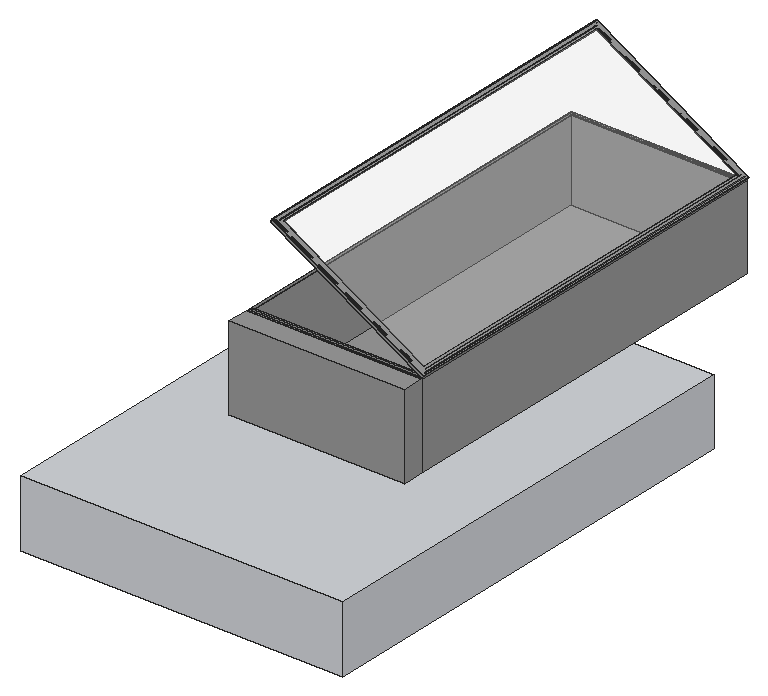
Revit family "Hager-Univers-IP55-D400-H1950-Cl.I-Steel_encl-PL-pl", category Equipement électrique, Revit 2020
Family settings
  Hôte = Face
  Configuration du panneau = Deux colonnes, circuits au sein
  Cote de connecteur circulaire = Utiliser le diamètre
  Type d'élément = Tableau de raccordement
  Couper avec des vides une fois chargée = Non
  Partagée = Non
  Point de calcul de pièce = Non
Parameters (values of type "Montaż podłogowy IP55 S800 W1950 G400  - FR23V1")
  Width Control [instance] = if([EF000008 - Szerokość] > Min Width, [EF000008 - Szerokość], Min Width)  # 800 mm
  Commentaires du type = [HG000003 - Zakres]  # "Univers"
  Thickness Door [instance] = if([EF009171 - Drzwi/pokrywa z materiału o wysokiej wytrzymałości mechanicznej] > 3 mm, 3 mm, [EF009171 - Drzwi/pokrywa z materiału o wysokiej wytrzymałości mechanicznej])  # 1.5 mm
  Seal Frame Offset [instance] = 17 mm  # constant formula
  Plinth Visibility [instance] = [HG000027 - Wysokość cokołu] > 0 mm  # yes
  Model = ""
  Min Width [instance] = 100 mm  # constant formula
  Min Height [instance] = 100 mm  # constant formula
  Min Depth [instance] = (2 * [EF009170 - Obudowa z materiału o wysokiej wytrzymałości mechanicznej]) + 1 mm  # 4 mm
  Internal Frame Depth [instance] = (Door System Depth * 0.5)  # 9 mm
  Height Control [instance] = if([EF000040 - Wysokość] > Min Height, [EF000040 - Wysokość], Min Height)  # 1950 mm
  HG000027 - Wysokość cokołu = 100 mm
  HG000026 - Stojąca = yes
  HG000024 - Wysokość części dolnej = 800 mm
  HG000023 - Obudowa dwusekcyjna = no
  HG000016 - Widoczność drzwi w widoku 3D [instance] = yes
  HG000015 - Przestrzeń robocza - otwarcie drzwi [instance] = no
  HG000014 - Drzwi prawe [instance] = yes
  HG000013 - Drzwi lewe [instance] = not([HG000014 - Drzwi prawe])  # no
  HG000012 - Kąt otwarcia drzwi [instance] = 30.00°
  HG000010 - Drzwi asymetryczne = no
  HG000009 - Drzwi dwuskrzydłowe = no
  HG000006 - Montaż podtynkowy = no
  HG000004 - Referencja producenta = "FR23V1"
  HG000003 - Zakres = "Univers"
  HG000002 - Z drzwiami lub pokrywą = yes
  Frame Offset Bottom [instance] = 10 mm  # constant formula
  Frame Offset [instance] = 15 mm  # constant formula
  EF015940 - Pokrywa z wyzwalaczem nadciśnieniowym = no
  EF011959 - Stopień ochrony (NEMA) = ""
  EF009554 - Liczba otworów pod flansze = 6
  Fabricant = "Hager"  # constant formula
  EF009212 - Wykonanie pokrywy = "EV000116 - Zamknięty"
  EF009171 - Drzwi/pokrywa z materiału o wysokiej wytrzymałości mechanicznej = 1.5 mm
  EF009170 - Obudowa z materiału o wysokiej wytrzymałości mechanicznej = 1.5 mm
  EF008873 - Prąd znamionowy (In) = 800 A
  EF007800 - Do ochrony odgromowej = no
  EF006306 - Z zamkiem = no
  EF006244 - Transparentna pokrywa/drzwi = yes
  EF005474 - Stopień ochrony (IP) = "EV006420 - IP55"
  EF004464 - Rodzaj drzwi = "EV002646 - Pojedynczy"
  EF004427 - Liczba modułów = 432
  EF004293 - Odporność udarowa = "EV008784 - IK10"
  EF003532 - Do zastosowań zewnętrznych = no
  EF002950 - Szerokość wyrażona liczbą modułów = 24
  EF001613 - Podtrzymanie funkcji = "EV000494 - Brak"
  EF001596 - Materiał obudowy = "EV000179 - Stal"
  EF001131 - Głębokość wewnętrzna = 400 mm
  EF001088 - Możliwość rozbudowy = yes
  EF000437 - Liczba wejść kablowych = 6
  EF000339 - Rodzaj pokrywy = "EV004216 - Drzwi"
  EF000266 - Liczba rzędów = 12
  EF000218 - Głębokość wbudowania = 0 mm
  EF000118 - Z płytą montażową = no
  EF000116 - Numer RAL = "7035"
  EF000049 - Głębokość = 400 mm
  EF000040 - Wysokość = 1950 mm
  EF000008 - Szerokość = 800 mm
  EF000007 - Kolor = "EV000270 - Szary"
  EF000003 - Sposób montażu = "EV012274 - Montaż podłogowy"
  Door System Leaf Tolerance [instance] = 1.5 mm  # constant formula
  Door System Depth [instance] = 18 mm  # constant formula
  Door Height [instance] = Height Control - [HG000027 - Wysokość cokołu]  # 1850 mm
  Depth Control [instance] = if([EF000049 - Głębokość] > Min Depth, [EF000049 - Głębokość], Min Depth)  # 400 mm
  Default Elevation = 0 mm
  Connector Offset [instance] = Height Control / 2  # 975 mm
  Bottom Top Plate Trim [instance] = 1.5 mm  # constant formula
  Plinth height Ctrl [instance] = if([HG000027 - Wysokość cokołu] > 0 mm, [HG000027 - Wysokość cokołu], 12 mm)  # 100 mm
Types (11, lengths in mm): name | Width Control | HG000010 - Drzwi asymetryczne | HG000009 - Drzwi dwuskrzydłowe | HG000004 - Referencja producenta | EF009554 - Liczba otworów pod flansze | EF006244 - Transparentna pokrywa/drzwi | EF004464 - Rodzaj drzwi | EF004427 - Liczba modułów | EF000437 - Liczba wejść kablowych | EF000008 - Szerokość
  Montaż podłogowy IP55 S1050 W1950 G400  - FR24G1 | 1050 | yes | yes | "FR24G1" | 8 | no | "EV003602 - Podwójny" | 576 | 8 | 1050
  Montaż podłogowy IP55 S1050 W1950 G400  - FR24V1 | 1050 | yes | yes | "FR24V1" | 8 | yes | "EV003602 - Podwójny" | 576 | 8 | 1050
  Montaż podłogowy IP55 S1300 W1950 G400  - FR25G1 | 1300 | yes | yes | "FR25G1" | 10 | no | "EV003602 - Podwójny" | 720 | 10 | 1300
  Montaż podłogowy IP55 S1300 W1950 G400  - FR25V1 | 1300 | yes | yes | "FR25V1" | 10 | yes | "EV003602 - Podwójny" | 720 | 10 | 1300
  Montaż podłogowy IP55 S1550 W1950 G400  - FR26G1 | 1550 | yes | yes | "FR26G1" | 12 | no | "EV003602 - Podwójny" | 864 | 12 | 1550
  Montaż podłogowy IP55 S1550 W1950 G400  - FR26V1 | 1550 | yes | yes | "FR26V1" | 12 | yes | "EV003602 - Podwójny" | 864 | 12 | 1550
  Montaż podłogowy IP55 S300 W1950 G400  - FR21G1 | 300 | no | no | "FR21G1" | 2 | no | "EV002646 - Pojedynczy" | 144 | 2 | 300
  Montaż podłogowy IP55 S550 W1950 G400  - FR22G1 | 550 | no | no | "FR22G1" | 4 | no | "EV002646 - Pojedynczy" | 288 | 4 | 550
  Montaż podłogowy IP55 S550 W1950 G400  - FR22V1 | 550 | no | no | "FR22V1" | 4 | yes | "EV002646 - Pojedynczy" | 288 | 4 | 550
  Montaż podłogowy IP55 S800 W1950 G400  - FR23G1 | 800 | no | no | "FR23G1" | 6 | no | "EV002646 - Pojedynczy" | 432 | 6 | 800
  Montaż podłogowy IP55 S800 W1950 G400  - FR23V1 | 800 | no | no | "FR23V1" | 6 | yes | "EV002646 - Pojedynczy" | 432 | 6 | 800
Reference planes
  plane 1 "Center (Front/Back)": y = 0
  plane 2: z = 0
  plane 3 "Center (Left/Right)": x = 0
  plane 4: z = 400
  plane 5: y = 101.5
  plane 6: y = 1025
  plane 7: y = 100
  plane 8: y = 1950
  plane 9: z = 0
  plane 10: x = -385
  plane 11: x = 385
  plane 12: x = 383.5
  plane 13: x = -383.5
  plane 14: y = 1948.5
  plane 15: x = -383
  plane 16: x = -400
  plane 17: x = 383
  plane 18: x = 400
  plane 19: x = 398.5
  plane 20: x = -398.5
  plane 21: y = 111.5
  plane 22: y = 1950
  plane 23: y = 1933.5
  plane 24: z = 382
  plane 25: z = 1.5
  plane 26: z = 380.5
  plane 27: z = 398.5
Forms (mm)
  Extrusion 1, solid
    sketch origin (0, 0, 0) x (1, 0, 0) y (0, 1, 0)
      loop
        line (-702.964, 1305) -> (-702.964, -811.445) -> (766.763, -811.445) -> (766.763, 1305) -> (-702.964, 1305)
    from 0 to -304.8
  Extrusion 2, solid, material "Hager_Steel_RAL7035_Light_Grey", visible <- "Plinth Visibility", detail levels medium+fine
    sketch origin (0, 0, 0) x (1, 0, 0) y (0, 1, 0)
      loop
        line (-400, 0) -> (400, 0) -> (400, 100) -> (-400, 100) -> (-400, 0)
    from 0 to 382
  Extrusion 3, solid, material "Hager_Steel_RAL7035_Light_Grey", detail levels medium+fine
    sketch origin (0, 0, 0) x (1, 0, 0) y (0, 1, 0)
      loop
        line (-400, 100) -> (400, 100) -> (400, 1950) -> (-400, 1950) -> (-400, 100)
    from 0 to 382
  Extrusion 4, void
    sketch origin (0, 0, 0) x (1, 0, 0) y (0, 1, 0)
      loop
        line (-398.5, 101.5) -> (398.5, 101.5) -> (398.5, 1948.5) -> (-398.5, 1948.5) -> (-398.5, 101.5)
    from 1.5 to 380.5
  Extrusion 5, void
    sketch origin (-381.607, -4572, 382) x (0, -1, 0) y (-1, 0, 0)
      loop
        line (-4683.5, 1.893) -> (-6505.5, 1.893) -> (-6505.5, -765.107) -> (-4683.5, -765.107) -> (-4683.5, 1.893)
    from 0 to 1.5 <- "EF009170 - Obudowa z materiału o wysokiej wytrzymałości mechanicznej"
  Extrusion 6, solid, material "Hager_Steel_RAL7035_Light_Grey", detail levels fine
    sketch origin (0, 0, 382) x (1, 0, 0) y (0, 1, 0)
      loop
        line (-383.5, 1933.5) -> (-383.5, 111.5) -> (383.5, 111.5) -> (383.5, 1933.5) -> (-383.5, 1933.5)
      loop
        line (-385, 110) -> (385, 110) -> (385, 1935) -> (-385, 1935) -> (-385, 110)
    from 0 to 9 <- "Internal Frame Depth"
  Extrusion 7, solid, material "Hager_Steel_RAL7035_Light_Grey", detail levels coarse
    sketch origin (0, 0, 0) x (1, 0, 0) y (0, 1, 0)
      loop
        line (-400, 0) -> (400, 0) -> (400, 1950) -> (-400, 1950) -> (-400, 0)
    from 0 to 400
  Sweep 8, void
    path in 3D
      loop
        line (-400, 100, 0) -> (400, 100, 0) -> (400, 100, 382) -> (-400, 100, 382) -> (-400, 100, 0)
    profile origin (-400, 100, 191) x (-1, 0, 0) y (0, -1, 0)
      loop
        line (0, 0) -> (0, 1.5) -> (-1.5, 1.5)
        arc (-1.5, 1.5) -> (-1.061, 0.439) -> (0, 0) r 1.5
Cuts and joins
  Extrusion 4, Extrusion 5 cuts Extrusion 3
  Sweep 8 cuts Extrusion 2
Lines and regions (mm)
  Masking region 1
    outline origin (0, 0, 0) x (1, 0, 0) y (0, 0, 1)
      loop
        line (-400, 400) -> (-400, 0) -> (400, 0) -> (400, 400) -> (-400, 400)
  Masking region 2, detail levels medium+fine
    outline origin (0, 140, 0) x (0, 1, 0) y (0, 0, 1)
      loop
        line (-40, 0) -> (1810, 0) -> (1810, 382) -> (-40, 382) -> (-40, 0)
  Masking region 3, not visible, detail levels medium+fine
    outline origin (0, 297.922, 0) x (0, 1, 0) y (0, 0, 1)
      loop
        line (738.578, 0) -> (778.578, 0) -> (778.578, 388.5)
        arc (778.578, 388.5) -> (775.649, 395.571) -> (768.578, 398.5) r 10
        line (768.578, 398.5) -> (738.578, 398.5) -> (738.578, 0)
  Masking region 4, detail levels coarse
    outline origin (0, 0, 180) x (0, 1, 0) y (0, 0, 1)
      loop
        line (0, -180) -> (1950, -180) -> (1950, 220) -> (0, 220) -> (0, -180)
  Masking region 5, visible <- "Plinth Visibility", detail levels medium+fine
    outline origin (0, 52.24, 12.345) x (0, 0, -1) y (0, 1, 0)
      loop
        line (10.845, 47.76) -> (-368.155, 47.76)
        arc (-368.155, 47.76) -> (-368.594, 46.699) -> (-369.655, 46.26) r 1.5
        line (-369.655, 46.26) -> (-369.655, -52.24) -> (12.345, -52.24) -> (12.345, 46.26)
        arc (12.345, 46.26) -> (11.285, 46.699) -> (10.845, 47.76) r 1.5
  Masking region 6, detail levels medium+fine
    outline origin (-381.607, -4572, 382) x (-1, 0, 0) y (0, -1, 0)
      loop
        line (18.393, -6522) -> (18.393, -4672) -> (-781.607, -4672) -> (-781.607, -6522) -> (18.393, -6522)
  Masking region 7, visible <- "Plinth Visibility", detail levels medium+fine
    outline origin (-381.607, -4727, 382) x (-1, 0, 0) y (0, -1, 0)
      loop
        arc (16.893, -4827) -> (17.332, -4825.939) -> (18.393, -4825.5) r 1.5
        line (18.393, -4825.5) -> (18.393, -4727) -> (-781.607, -4727) -> (-781.607, -4825.5)
        arc (-781.607, -4825.5) -> (-780.546, -4825.939) -> (-780.107, -4827) r 1.5
        line (-780.107, -4827) -> (16.893, -4827)
  Masking region 8, detail levels coarse
    outline origin (-442.548, -4669.526, 382) x (-1, 0, 0) y (0, -1, 0)
      loop
        line (-42.548, -6619.526) -> (-42.548, -4669.526) -> (-842.548, -4669.526) -> (-842.548, -6619.526) -> (-42.548, -6619.526)
  sketch lines
    curve 1: line (-400, 100, 382) -> (-400, 100, 0)
    curve 2: line (400, 100, 382) -> (-400, 100, 382)
    curve 3: line (400, 100, 382) -> (400, 100, 0)
    curve 4: line (-400, 100, 0) -> (400, 100, 0)
Dimensions and locks
  "Depth Control": plane 4 to Extrusion 1
  "HG000027 - Wysokość cokołu": plane 1 "Center (Front/Back)" to plane 7
  "EF009170 - Obudowa z materiału o wysokiej wytrzymałości mechanicznej": plane 5 to plane 7
  locked: connector elem to plane 3 "Center (Left/Right)"
  equal spacing: plane 8, plane 6, plane 7
  locked: connector elem to plane 6
  "EF009170 - Obudowa z materiału o wysokiej wytrzymałości mechanicznej": plane 8 to plane 14
  "EF009170 - Obudowa z materiału o wysokiej wytrzymałości mechanicznej": plane 10 to plane 13
  "EF009170 - Obudowa z materiału o wysokiej wytrzymałości mechanicznej": plane 12 to plane 11
  "Frame Offset": plane 20 to plane 13
  "Frame Offset": plane 12 to plane 19
  "EF009170 - Obudowa z materiału o wysokiej wytrzymałości mechanicznej": plane 16 to plane 20
  "EF009170 - Obudowa z materiału o wysokiej wytrzymałości mechanicznej": plane 19 to plane 18
  "Seal Frame Offset": plane 16 to plane 15
  "Seal Frame Offset": plane 17 to plane 18
  "Frame Offset Bottom": plane 21 to plane 5
  "Frame Offset": plane 14 to plane 23
  equal spacing: plane 16, plane 3 "Center (Left/Right)", plane 18
  "Width Control": plane 16 to plane 18
  "EF009170 - Obudowa z materiału o wysokiej wytrzymałości mechanicznej": plane 4 to plane 27
  "EF009170 - Obudowa z materiału o wysokiej wytrzymałości mechanicznej": plane 24 to plane 26
  "EF009170 - Obudowa z materiału o wysokiej wytrzymałości mechanicznej": plane 25 to level
  "Door System Depth": plane 4 to plane 24
  "Height Control": plane 1 "Center (Front/Back)" to Extrusion 7 sketch curve
  "Height Control": Masking region 4 sketch curve to plane 1 "Center (Front/Back)"
  "Height Control": plane 1 "Center (Front/Back)" to plane 22
  "Bottom Top Plate Trim": profile plane to Sweep 8 sketch curve
  "Bottom Top Plate Trim": Sweep 8 sketch curve to profile plane
  "Plinth height Ctrl": plane 1 "Center (Front/Back)" to Extrusion 2 sketch curve
  "Plinth height Ctrl": Masking region 5 sketch curve to plane 1 "Center (Front/Back)"
  "Plinth height Ctrl": plane 1 "Center (Front/Back)" to Masking region 7 sketch curve
  "Thickness Door": Extrusion 6 sketch curve to Extrusion 6 sketch curve  (x3)
  "Thickness Door": cut or joined group of Extrusion 3, Extrusion 4, Extrusion 5 to Extrusion 6 sketch curve
  radius of Masking region 3 sketch curve = 10 mm
  "Bottom Top Plate Trim": radius of Masking region 5 sketch curve  (x2)
  "Bottom Top Plate Trim": radius of Sweep 8 sketch curve
  "Bottom Top Plate Trim": radius of Masking region 7 sketch curve  (x2)
  aligned and locked: plane 2 to Extrusion 1
  aligned and locked: level to Extrusion 1
  aligned and locked: level to Masking region 1 sketch curve
  aligned and locked: Masking region 1 sketch curve to plane 18
  aligned and locked: Masking region 1 sketch curve to plane 16
  aligned and locked: plane 7 to Masking region 2 sketch curve
  aligned and locked: level to Masking region 3 sketch curve
  aligned and locked: Masking region 3 sketch curve to plane 27
  aligned and locked: level to Masking region 2 sketch curve
  aligned and locked: plane 1 "Center (Front/Back)" to Extrusion 2 sketch curve
  aligned and locked: Extrusion 3 sketch curve to plane 7
  aligned and locked: plane 16 to Extrusion 3 sketch curve
  aligned and locked: plane 18 to Extrusion 3 sketch curve
  aligned and locked: plane 20 to Extrusion 4 sketch curve
  aligned and locked: plane 19 to Extrusion 4 sketch curve
  aligned and locked: Extrusion 4 sketch curve to plane 5
  aligned and locked: Extrusion 4 to plane 25
  aligned and locked: plane 26 to Extrusion 4
  aligned and locked: plane 24 to Extrusion 3
  aligned and locked: Extrusion 5 sketch curve to plane 21
  aligned and locked: Extrusion 5 sketch curve to plane 13
  aligned and locked: Extrusion 5 sketch curve to plane 12
  aligned and locked: plane 18 to Extrusion 7 sketch curve
  aligned and locked: plane 1 "Center (Front/Back)" to Extrusion 7 sketch curve
  aligned and locked: plane 16 to Extrusion 7 sketch curve
  aligned and locked: plane 4 to Extrusion 7
  aligned and locked: Extrusion 7 to level
  aligned and locked: level to Masking region 4 sketch curve
  aligned and locked: Masking region 4 sketch curve to plane 1 "Center (Front/Back)"
  aligned and locked: Masking region 4 sketch curve to plane 4
  aligned and locked: nested 1 to level
  aligned and locked: nested 1 to plane 16
  aligned and locked: plane 8 to Extrusion 3 sketch curve
  aligned and locked: plane 23 to Extrusion 5 sketch curve
  aligned and locked: plane 14 to Extrusion 4 sketch curve
  aligned and locked: Masking region 2 sketch curve to plane 8
  aligned and locked: level to Masking region 5 sketch curve
  aligned and locked: plane 16 to Extrusion 2 sketch curve
  aligned and locked: plane 18 to Extrusion 2 sketch curve
  aligned and locked: Masking region 5 sketch curve to plane 24
  aligned and locked: Masking region 2 sketch curve to plane 24
  aligned and locked: plane 24 to Extrusion 2
  aligned and locked: profile plane to Sweep 8 sketch curve  (x2)
  aligned and locked: Masking region 6 sketch curve to plane 18
  aligned and locked: Masking region 6 sketch curve to plane 22
  aligned and locked: Masking region 6 sketch curve to plane 16
  aligned and locked: plane 8 to plane 22
  aligned and locked: Masking region 6 sketch curve to plane 7
  aligned and locked: Masking region 7 sketch curve to plane 16
  aligned and locked: Masking region 7 sketch curve to plane 1 "Center (Front/Back)"
  aligned and locked: Masking region 7 sketch curve to plane 18
  aligned and locked: Masking region 8 sketch curve to plane 1 "Center (Front/Back)"
  aligned and locked: Masking region 8 sketch curve to plane 18
  aligned and locked: Masking region 8 sketch curve to plane 22
  aligned and locked: Masking region 8 sketch curve to plane 16
  aligned and locked: nested 2 to plane 7
  aligned and locked: plane 3 "Center (Left/Right)" to nested 2
  aligned and locked: nested 2 to plane 24
  aligned and locked: Extrusion 6 sketch curve to cut or joined group of Extrusion 3, Extrusion 4, Extrusion 5  (x4)
Automatic sketch dimensions
  Extrusion 1 sketch curve to Extrusion 1 sketch curve = 1469.727 mm
  Extrusion 1 sketch curve to Extrusion 1 sketch curve = 2116.445 mm
  Masking region 1 sketch curve to plane 4 = 0 mm
  plane 6 to Masking region 3 sketch curve = 11.5 mm
  Masking region 3 sketch curve to Masking region 3 sketch curve = 30 mm
  Masking region 5 sketch curve to plane 1 "Center (Front/Back)" = 0 mm
Nested families
  nested 1: "Hager_Enclosure_Symbol" at (-400, 0, 0) x (1, 0, 0) z (0, -1, 0), Height <- "Depth Control", Width <- "Width Control", type "Hager_Enclosure_Symbol"
    with Width_Ctrl 800 mm, Width 800 mm, Height_Ctrl 400 mm, Height 400 mm, A_Width_Int 26.25 mm, A_Width 315 mm, A_Height_Ctrl 350 mm, A_Height 350 mm
  nested 2: "EC000058_Univers_Door" at (0, 100, 382) x (1, 0, 0) z (0, 1, 0), Leaf_Tolerance <- "Door System Leaf Tolerance", Angle <- "HG000012 - Kąt otwarcia drzwi", Door_Depth <- "Door System Depth", Door_Left <- "HG000013 - Drzwi lewe", Transparent <- "EF006244 - Transparentna pokrywa/drzwi", Assymetrical <- "HG000010 - Drzwi asymetryczne", Width <- "Width Control", Clearance <- "HG000015 - Przestrzeń robocza - otwarcie drzwi", Double <- "HG000009 - Drzwi dwuskrzydłowe", 3d_Door <- "HG000016 - Widoczność drzwi w widoku 3D", Lock_Visibility <- "EF006306 - Z zamkiem", Width_Ctrl <- "Width Control", Door_Right <- "HG000014 - Drzwi prawe", Door <- "HG000002 - Z drzwiami lub pokrywą", Height <- "Door Height", Thickness <- "Thickness Door", type "EC000058_Univers_Door", detail levels medium+fine
    with min_wh 4 mm, Width_Ctrl 800 mm, Width 800 mm, Transparent yes, Thickness 1.5 mm, Seal_Material Hager_Rubber, Lock_Visibility no, Lock_Material Hager_Plastic_RAL9005_Jet_Black, Leaf_Width 800 mm, Leaf_Tolerance_External_Sides 0 mm, Leaf_Tolerance 1.5 mm, Leaf_Offset 0 mm, Leaf_Height 1847 mm, Leaf_2_Width 800 mm, Leaf_2_Offset 400 mm, Leaf_1_Width 800 mm, Leaf_1_Offset 400 mm, Height_Ctrl 1850 mm, Height 1850 mm, Glass_Material Hager_Glass, Double_Clearance_Ctrl no, Double no, Door_Right_Ctrl yes, Door_Right yes, Door_Material Hager_Steel_RAL7035_Light_Grey, Door_Left_Ctrl no, Door_Left no, Door_Depth 18 mm, Door yes, Clearance_Material Hager_Clearance, Clearance_Depth 800 mm, Clearance_Ctrl no, Clearance no, Assymetrical no, Angle 30.00°, 3d_Door yes
Connectors
  electrical at (0, 1025, 0)
    settings: on plane 9, index 1, voltage 0 V, apparent load 0 VA, apparent load phase1 0 VA, apparent load phase2 0 VA, apparent load phase3 0 VA, power factor 1, load classification "Other", number of poles 1, system type 30, power factor state 1, is connector primary yes, connector utility no, sub classification motor no, connector description ""
Definition of nested family "EC000058_Univers_Door"
  Parameters (values of type "EC000058_Univers_Door")
    min_wh [instance] = (2 * Thickness) + 1 mm  # 11 mm
    Width_Ctrl [instance] = 400 mm
    Width [instance] = 500 mm
    Transparent [instance] = yes
    Thickness [instance] = 5 mm
    Seal_Material [instance] = none
    Lock_Visibility [instance] = yes
    Lock_Material [instance] = none
    Leaf_Width [instance] = if((Width_Ctrl - 2 * Leaf_Tolerance_External_Sides) > 0 mm, (Width_Ctrl - 2 * Leaf_Tolerance_External_Sides), min_wh)  # 400 mm
    Leaf_Tolerance_External_Sides [instance] = 0 mm  # constant formula
    Leaf_Tolerance [instance] = 1.5 mm
    Leaf_Offset [instance] = 0 mm  # constant formula
    Leaf_Height [instance] = if((Height_Ctrl - 2 * Leaf_Tolerance) > 0 mm, (Height_Ctrl - 2 * Leaf_Tolerance), min_wh)  # 497 mm
    Leaf_2_Width [instance] = if(and(and(Double, Assymetrical), Door_Left), (Leaf_Width / 3) - (Leaf_Tolerance / 2), if(and(and(Double, Assymetrical), Door_Right), (Leaf_Width / 3) * 2 - (Leaf_Tolerance / 2), if(and(Double, not(Assymetrical)), (Leaf_Width / 2) - Leaf_Tolerance, Leaf_Width)))  # 400 mm
    Leaf_2_Offset [instance] = if(and(Double, Assymetrical), Leaf_2_Width / 2, if(and(Double, not(Assymetrical)), Leaf_Width / 4, Leaf_Width / 2))  # 200 mm
    Leaf_1_Width [instance] = if(and(and(Double, Assymetrical), Door_Right), (Leaf_Width / 3) - (Leaf_Tolerance / 2), if(and(and(Double, Assymetrical), Door_Left), (Width / 3) * 2 - (Leaf_Tolerance / 2), if(and(Double, not(Assymetrical)), (Leaf_Width / 2) - Leaf_Tolerance, Leaf_Width)))  # 400 mm
    Leaf_1_Offset [instance] = if(and(Double, Assymetrical), Leaf_1_Width / 2, if(and(Double, not(Assymetrical)), Leaf_Width / 4, Leaf_Width / 2))  # 200 mm
    Height_Ctrl [instance] = if(Height > min_wh, Height, min_wh)  # 500 mm
    Height [instance] = 500 mm
    Glass_Material [instance] = none
    Double_Clearance_Ctrl [instance] = and(Double, Clearance)  # no
    Double [instance] = no
    Door_Right_Ctrl [instance] = and(or(Door_Right, Double), Door)  # yes
    Door_Right [instance] = yes
    Door_Material [instance] = none
    Door_Left_Ctrl [instance] = and(or(Door_Left, Double), Door)  # no
    Door_Left [instance] = no
    Door_Depth [instance] = 30 mm
    Door [instance] = yes
    Default Elevation = 1219.2 mm
    Clearance_Material [instance] = none
    Clearance_Depth [instance] = if(Leaf_1_Width > Leaf_2_Width, Leaf_1_Width, Leaf_2_Width)  # 400 mm
    Clearance_Ctrl [instance] = and(not(Double), Clearance)  # yes
    Clearance [instance] = yes
    Assymetrical [instance] = yes
    Angle [instance] = 30.00°
    3d_Door [instance] = yes
  Reference planes
    plane 1 "Center (Front/Back)": y = 0
    plane 2 "Bottom": z = 0
    plane 3 "Center (Left/Right)": x = 0
    plane 4: z = 500
    plane 5: x = -200
    plane 6: x = 200
    plane 7: z = 500
    plane 8: x = -200
    plane 9: z = 0
    plane 10: x = 200
    plane 11: y = 0
    plane 12: z = 1.5
    plane 13: x = -600
    plane 14: y = -400
    plane 15: x = 600
    plane 16: x = 0
    plane 17: x = 0
    plane 18: x = -200
    plane 19: x = 200
    plane 20: z = 498.5
  Forms (mm)
    Extrusion 1, solid, material <- "Clearance_Material", visible <- "Double_Clearance_Ctrl"
      sketch origin (1200, 0, 0) x (1, 0, 0) y (0, 0, -1)
        loop
          line (-1800, -498.5) -> (-600, -498.5) -> (-600, 0) -> (-1800, 0) -> (-1800, -498.5)
      from 0 to -400
  Dimensions and locks
    equal spacing: plane 5, plane 3 "Center (Left/Right)", plane 6
    "Width_Ctrl": plane 5 to plane 6
    "Leaf_Offset": plane 5 to plane 8
    "Leaf_Offset": plane 6 to plane 10
    "Leaf_Offset": plane 9 to level
    "Leaf_Offset": plane 4 to plane 7
    "Height_Ctrl": plane 4 to level
    "Leaf_Tolerance": plane 12 to plane 9
    locked: plane 11 to plane 1 "Center (Front/Back)"
    "Leaf_1_Offset": plane 18 to plane 16
    "Leaf_2_Offset": plane 17 to plane 19
    "Leaf_1_Width": plane 13 to plane 8
    "Leaf_2_Width": plane 10 to plane 15
    "Clearance_Depth": plane 14 to plane 1 "Center (Front/Back)"
    "Leaf_Tolerance_External_Sides": plane 8 to plane 18
    "Leaf_Tolerance_External_Sides": plane 19 to plane 10
    "Leaf_Tolerance": plane 7 to plane 20
    aligned and locked: level to plane 2 "Bottom"
    aligned and locked: nested 1 to plane 16
    aligned and locked: nested 2 to plane 17
    aligned and locked: Extrusion 1 to plane 13
    aligned and locked: plane 15 to Extrusion 1
    aligned and locked: Extrusion 1 to plane 14
    aligned and locked: plane 12 to nested 1
    aligned and locked: nested 2 to plane 12
    aligned and locked: Extrusion 1 to plane 11
    aligned and locked: plane 20 to Extrusion 1
    aligned and locked: nested 2 to plane 11
    aligned and locked: nested 1 to plane 11
  Automatic sketch dimensions
    Extrusion 1 sketch curve to level = 0 mm
    plane 5 to Extrusion 1 sketch curve = 400 mm
    plane 6 to Extrusion 1 sketch curve = 400 mm
    Extrusion 1 sketch curve to plane 4 = 1.5 mm
  Nested families
    nested 1: "EC000058_Univers_Door_Leaf" at (0, 0, 1.5), Width <- "Leaf_1_Width", visible <- "Door_Left_Ctrl", Leaf_Height <- "Leaf_Height", Angle <- "Angle", 3d_Door <- "3d_Door", Transparent <- "Transparent", Clearance Material <- "Clearance_Material", Clearance <- "Clearance_Ctrl", Door_Material <- "Door_Material", Glass_Material <- "Glass_Material", Door_Depth <- "Door_Depth", Lock_Material <- "Lock_Material", Seal_Material <- "Seal_Material", Lock_Visibility <- "Lock_Visibility", Thickness <- "Thickness", type "EC000058_Univers_Door_Leaf"
      with Width 400 mm, Transparent_Glass_Offset 30 mm, Transparent_Ctrl yes, Transparent yes, Thickness 5 mm, Standard no, Seal_Material none, Seal_D2 8 mm, Seal_D1 1 mm, Offset_Internal_Frame 10 mm, Lock_Width 20 mm, Lock_Visibility_3d yes, Lock_Visibility yes, Lock_Thickness_3 3 mm, Lock_Thickness_2 1 mm, Lock_Thickness_1 3 mm, Lock_Radius_Offset_2 16 mm, Lock_Radius_Offset_1 15 mm, Lock_Radius_2 5 mm, Lock_Radius 6 mm, Lock_Offset 5 mm, Lock_Material none, Lock_Height 80 mm, Lock_Cover_Top_Offset_2d 17 mm, Lock_Cover_Height -65 mm, Leaf_Height 497 mm, Internal_Seal_Thickness 8 mm, Internal_Seal_Depth_2 4.5 mm, Internal_Frame_Depth 25 mm, Glass_Thickness -1 mm, Glass_Offset -2 mm, Glass_Material none, Door_Material none, Door_Depth 30 mm, Clearance Material none, Clearance yes, Angle_Ctrl 30.00°, Angle 30.00°, 3d_Door yes
    nested 2: "EC000058_Univers_Door_Leaf" at (0, 0, 1.5) x (-1, 0, 0) z (0, 0, 1), Width <- "Leaf_2_Width", visible <- "Door_Right_Ctrl", Leaf_Height <- "Leaf_Height", Angle <- "Angle", 3d_Door <- "3d_Door", Transparent <- "Transparent", Clearance Material <- "Clearance_Material", Clearance <- "Clearance_Ctrl", Door_Material <- "Door_Material", Glass_Material <- "Glass_Material", Door_Depth <- "Door_Depth", Lock_Material <- "Lock_Material", Seal_Material <- "Seal_Material", Lock_Visibility <- "Lock_Visibility", Thickness <- "Thickness", type "EC000058_Univers_Door_Leaf"
      with Width 400 mm, Transparent_Glass_Offset 30 mm, Transparent_Ctrl yes, Transparent yes, Thickness 5 mm, Standard no, Seal_Material none, Seal_D2 8 mm, Seal_D1 1 mm, Offset_Internal_Frame 10 mm, Lock_Width 20 mm, Lock_Visibility_3d yes, Lock_Visibility yes, Lock_Thickness_3 3 mm, Lock_Thickness_2 1 mm, Lock_Thickness_1 3 mm, Lock_Radius_Offset_2 16 mm, Lock_Radius_Offset_1 15 mm, Lock_Radius_2 5 mm, Lock_Radius 6 mm, Lock_Offset 5 mm, Lock_Material none, Lock_Height 80 mm, Lock_Cover_Top_Offset_2d 17 mm, Lock_Cover_Height -65 mm, Leaf_Height 497 mm, Internal_Seal_Thickness 8 mm, Internal_Seal_Depth_2 4.5 mm, Internal_Frame_Depth 25 mm, Glass_Thickness -1 mm, Glass_Offset -2 mm, Glass_Material none, Door_Material none, Door_Depth 30 mm, Clearance Material none, Clearance yes, Angle_Ctrl 30.00°, Angle 30.00°, 3d_Door yes
  Definition of nested family "EC000058_Univers_Door_Leaf"
    Parameters (values of type "EC000058_Univers_Door_Leaf")
      Width [instance] = 2000 mm
      Transparent_Glass_Offset [instance] = 30 mm
      Transparent_Ctrl [instance] = and(Transparent, [3d_Door])  # yes
      Transparent [instance] = yes
      Thickness [instance] = 5 mm
      Standard [instance] = and(not(Transparent), [3d_Door])  # no
      Seal_Material [instance] = none
      Seal_D2 [instance] = 8 mm  # constant formula
      Seal_D1 [instance] = 1 mm  # constant formula
      Offset_Internal_Frame [instance] = 10 mm  # constant formula
      Lock_Width [instance] = 20 mm  # constant formula
      Lock_Visibility_3d [instance] = and(Lock_Visibility, [3d_Door])  # yes
      Lock_Visibility [instance] = yes
      Lock_Thickness_3 [instance] = 3 mm  # constant formula
      Lock_Thickness_2 [instance] = 1 mm  # constant formula
      Lock_Thickness_1 [instance] = 3 mm  # constant formula
      Lock_Radius_Offset_2 [instance] = Lock_Radius_Offset_1 + 1 mm  # 16 mm
      Lock_Radius_Offset_1 [instance] = 15 mm  # constant formula
      Lock_Radius_2 [instance] = Lock_Radius - 1 mm  # 5 mm
      Lock_Radius [instance] = 6 mm  # constant formula
      Lock_Offset [instance] = 5 mm  # constant formula
      Lock_Material [instance] = none
      Lock_Height [instance] = 80 mm  # constant formula
      Lock_Cover_Top_Offset_2d [instance] = Lock_Radius_Offset_2 + 1 mm  # 17 mm
      Lock_Cover_Height [instance] = -(Lock_Height - Lock_Radius_Offset_1)  # -65 mm
      Leaf_Height [instance] = 2720.336 mm
      Internal_Seal_Thickness [instance] = 8 mm  # constant formula
      Internal_Seal_Depth_2 [instance] = 4.5 mm  # constant formula
      Internal_Frame_Depth [instance] = if(Door_Depth - Thickness > 5 mm, Door_Depth - Thickness, 5 mm)  # 25 mm
      Glass_Thickness [instance] = if(Thickness > 15 mm, Glass_Offset + 10 mm, -1 mm)  # -1 mm
      Glass_Offset [instance] = if(Thickness > 15 mm, -(Thickness + 10 mm) / 2, -2 mm)  # -2 mm
      Glass_Material [instance] = none
      Door_Material [instance] = none
      Door_Depth [instance] = 30 mm
      Default Elevation = 0 mm
      Clearance Material [instance] = none
      Clearance [instance] = yes
      Angle_Ctrl [instance] = if(Angle > 180.00°, 180.00°, Angle)  # 90.00°
      Angle [instance] = 90.00°
      3d_Door [instance] = yes
    Reference planes
      plane 1 "Center (Front/Back)": y = 0
      plane 2: z = 0
      plane 3 "Center (Left/Right)": x = 0
      plane 4: y = 2000
      plane 5: x = -1000
      plane 6: x = 1000
      plane 7: x = -3000
      plane 8: z = 2720.336
      plane 9: z = 30
      plane 10: z = 2690.336
      plane 11: x = 970
      plane 12: x = -970
      plane 13: y = -3
      plane 14: z = 107.833
      plane 15: y = -5
      plane 16: y = -223.314
      plane 17: x = -1000
      plane 18: z = 1360.168
      plane 19: y = 30
    Forms (mm)
      Extrusion 1, solid, material <- "Clearance Material", visible <- "Clearance"
        sketch origin (0, 0, 0) x (1, 0, 0) y (0, 0, 1)
          loop
            line (-3000, 2720.336) -> (-3000, 0) -> (1000, 0) -> (1000, 2720.336) -> (-3000, 2720.336)
        from 0 to -2000
      Extrusion 2, solid, material <- "Door_Material", visible <- "Standard", detail levels medium+fine
        sketch origin (-1000, 0, 0) x (0, 1, 0) y (-1, 0, 0)
          loop
            line (0, 30) -> (0, 25) -> (2000, 25) -> (2000, 30) -> (0, 30)
        from 0 to 2720.336 <- "Leaf_Height"
      Extrusion 3, solid, material <- "Door_Material", visible <- "Transparent_Ctrl", detail levels medium+fine
        sketch origin (-1000, 0, 0) x (0, 1, 0) y (-1, 0, 0)
          loop
            line (0, 25) -> (2000, 25) -> (2000, 30) -> (0, 30) -> (0, 25)
        from 0 to 2720.336 <- "Leaf_Height"
      Extrusion 4, void
        sketch origin (-1025, 2000, 0) x (0, 1, 0) y (0, 0, -1)
          loop
            line (-30, -2690.336) -> (-30, -30) -> (-1970, -30) -> (-1970, -2690.336) -> (-30, -2690.336)
        from 0 to 5 <- "Thickness"
      Sweep 5, solid, material <- "Seal_Material", visible <- "Transparent_Ctrl", detail levels fine
        path in 3D
          loop
            line (-1025, 30, 30) -> (-1025, 30, 2690.336) -> (-1025, 1970, 2690.336) -> (-1025, 1970, 30) -> (-1025, 30, 30)
        profile origin (-1025, 1000, 30) x (1, 0, 0) y (0, 0, 1)
          loop
            line (0, 0) -> (0, -8) -> (1, -8) -> (1, 0) -> (0, 0)
      Extrusion 6, solid, material <- "Glass_Material", visible <- "Transparent_Ctrl", detail levels medium+fine
        sketch origin (-1030, 0, 0) x (0, 1, 0) y (0, 0, -1)
          loop
            line (1970, -2690.336) -> (1970, -30) -> (30, -30) -> (30, -2690.336) -> (1970, -2690.336)
        from -2 <- "Glass_Offset" to -1 <- "Glass_Thickness"
      Extrusion 7, solid, material <- "Door_Material", visible <- "3d_Door", detail levels medium+fine
        sketch origin (-1025, 2000, 0) x (0, -1, 0) y (0, 0, -1)
          loop
            line (0, -2720.336) -> (2000, -2720.336) -> (2000, 0) -> (0, 0) -> (0, -2720.336)
          loop
            line (1995, -5) -> (5, -5) -> (5, -2715.336) -> (1995, -2715.336) -> (1995, -5)
        from 0 to 25 <- "Internal_Frame_Depth"
      Sweep 8, solid, material <- "Seal_Material", visible <- "Transparent_Ctrl", detail levels fine
        path in 3D
          loop
            line (-1025, 0, 0) -> (-1025, 2000, 0) -> (-1025, 2000, 2720.336) -> (-1025, 0, 2720.336) -> (-1025, 0, 0)
        profile origin (-1025, 0, 1360.168) x (1, 0, 0) y (0, 1, 0)
          loop
            line (0, 10) -> (2.975, 10)
            arc (2.975, 10) -> (4.053, 10.447) -> (4.5, 11.525) r 1.525
            line (4.5, 11.525) -> (4.5, 16.527)
            arc (4.5, 16.527) -> (4.069, 17.569) -> (3.027, 18) r 1.473
            line (3.027, 18) -> (0, 18) -> (0, 10)
      Extrusion 9, solid, material <- "Lock_Material", visible <- "Lock_Visibility_3d", detail levels fine
        sketch origin (-1030, 0, 0) x (0, 1, 0) y (0, 0, -1)
          loop
            arc (1993.5, -1400.168) -> (1994.561, -1399.729) -> (1995, -1398.668) r 1.5
            line (1995, -1398.668) -> (1995, -1320.168) -> (1975, -1320.168) -> (1975, -1398.668)
            arc (1975, -1398.668) -> (1975.439, -1399.729) -> (1976.5, -1400.168) r 1.5
            line (1976.5, -1400.168) -> (1993.5, -1400.168)
        from 3 <- "Lock_Thickness_1" to 0
      Blend 10, solid, material <- "Lock_Material", visible <- "Lock_Visibility_3d", detail levels fine
        base sketch origin (-1033, 0, 0) x (0, 1, 0) y (0, 0, -1)
          loop
            line (1975, -1320.168) -> (1975, -1398.668)
            arc (1975, -1398.668) -> (1975.439, -1399.729) -> (1976.5, -1400.168) r 1.5
            line (1976.5, -1400.168) -> (1993.5, -1400.168)
            arc (1993.5, -1400.168) -> (1994.561, -1399.729) -> (1995, -1398.668) r 1.5
            line (1995, -1398.668) -> (1995, -1320.168) -> (1975, -1320.168)
        top sketch origin (-1033, 0, 0) x (0, 1, 0) y (0, 0, -1)
          loop
            line (1976, -1320.168) -> (1976, -1398.668)
            arc (1976, -1398.668) -> (1976.146, -1399.022) -> (1976.5, -1399.168) r 0.5
            line (1976.5, -1399.168) -> (1993.5, -1399.168)
            arc (1993.5, -1399.168) -> (1993.854, -1399.022) -> (1994, -1398.668) r 0.5
            line (1994, -1398.668) -> (1994, -1320.168) -> (1976, -1320.168)
        from 0 to 1 <- "Lock_Thickness_2"
      Blend 11, solid, material <- "Lock_Material", visible <- "Lock_Visibility_3d", detail levels fine
        base sketch origin (-1034, 0, 0) x (0, 1, 0) y (0, 0, -1)
          loop
            line (1978, -1320.168) -> (1978, -1384.168)
            arc (1978, -1384.168) -> (1985, -1391.168) -> (1992, -1384.168) r 7
            line (1992, -1384.168) -> (1992, -1320.168) -> (1978, -1320.168)
        top sketch origin (-1034, 0, 0) x (0, 1, 0) y (0, 0, -1)
          loop
            line (1991, -1320.168) -> (1979, -1320.168) -> (1979, -1383.168)
            arc (1979, -1383.168) -> (1985, -1389.168) -> (1991, -1383.168) r 6
            line (1991, -1383.168) -> (1991, -1320.168)
        from 0 to 3 <- "Lock_Thickness_3"
      Extrusion 12, solid, material <- "Lock_Material", visible <- "Lock_Visibility_3d", detail levels fine
        sketch origin (-1030, 1975, 1320.168) x (1, 0, 0) y (0, -1, 0)
          loop
            line (-7, -19) -> (-7, -1) -> (0, -1) -> (0, 0) -> (-8, 0) -> (-8, -20) -> (0, -20) -> (0, -19) -> (-7, -19)
        from 0 to -65 <- "Lock_Cover_Height"
      Extrusion 13, void
        sketch origin (-1038, 1995, 1320.168) x (-1, 0, 0) y (0, 0, -1)
          loop
            line (-5, -65) -> (0, -65) -> (-5, -60) -> (-5, -65)
        from 0 to 20 <- "Lock_Width"
      Extrusion 14, void
        sketch origin (-1038, 1975, 1320.168) x (0, -1, 0) y (0, 0, -1)
          loop
            circle (-10, -15.995) r 6
          loop
            circle (-10, -15.995) r 5
        from 0 to 2
      Extrusion 15, solid, material <- "Lock_Material", visible <- "Lock_Visibility_3d", detail levels medium
        sketch origin (-1030, 0, 0) x (0, 1, 0) y (0, 0, -1)
          loop
            arc (1993.5, -1400.168) -> (1994.561, -1399.729) -> (1995, -1398.668) r 1.5
            line (1995, -1398.668) -> (1995, -1320.168) -> (1975, -1320.168) -> (1975, -1398.668)
            arc (1975, -1398.668) -> (1975.439, -1399.729) -> (1976.5, -1400.168) r 1.5
            line (1976.5, -1400.168) -> (1993.5, -1400.168)
        from 8 to 0
    Cuts and joins
      Extrusion 4 cuts Extrusion 3
      Extrusion 13, Extrusion 14 cuts Extrusion 9
      Extrusion 14 cuts Blend 11
      Extrusion 13, Extrusion 14 cuts Extrusion 12
      joined: Extrusion 9, Blend 10, Blend 11, Extrusion 12
      Extrusion 14 cuts Extrusion 15
    Lines and regions (mm)
      Masking region 1, visible <- "Lock_Visibility", detail levels fine
        outline origin (0, 0, 0) x (0, 1, 0) y (0, 0, 1)
          loop
            line (30, 1320.168) -> (33, 1320.168) -> (33, 1400.168) -> (30, 1400.168) -> (30, 1320.168)
      Masking region 2, visible <- "Lock_Visibility", detail levels fine
        outline origin (0, 3.143, 0) x (0, 1, 0) y (0, 0, 1)
          loop
            line (29.857, 1354.168) -> (30.857, 1354.168) -> (30.857, 1366.168) -> (29.857, 1366.168) -> (29.857, 1354.168)
      Masking region 3, detail levels medium+fine
        outline origin (0, 0, 0) x (0, 1, 0) y (0, 0, 1)
          loop
            line (0, 0) -> (30, 0) -> (30, 2720.336) -> (0, 2720.336) -> (0, 0)
      Masking region 4, detail levels medium+fine
        outline origin (0, 0, 0) x (1, 0, 0) y (0, 0, 1)
          loop
            line (-1000, 2720.336) -> (-1000, 0) -> (1000, 0) -> (1000, 2720.336) -> (-1000, 2720.336)
      Masking region 5, visible <- "Lock_Visibility", detail levels fine
        outline origin (-47.116, 0, 0) x (1, 0, 0) y (0, 0, 1)
          loop
            arc (1024.616, 1399.168) -> (1023.556, 1398.729) -> (1023.116, 1397.668) r 1.5
            line (1023.116, 1397.668) -> (1023.116, 1320.168) -> (1041.116, 1320.168) -> (1041.116, 1397.668)
            arc (1041.116, 1397.668) -> (1040.677, 1398.729) -> (1039.616, 1399.168) r 1.5
            line (1039.616, 1399.168) -> (1024.616, 1399.168)
      Masking region 6, visible <- "Lock_Visibility", detail levels medium+fine
        outline origin (-25, 0, 0) x (1, 0, 0) y (0, 0, 1)
          loop
            arc (1001.5, 1400.168) -> (1000.439, 1399.729) -> (1000, 1398.668) r 1.5
            line (1000, 1398.668) -> (1000, 1320.168) -> (1020, 1320.168) -> (1020, 1398.668)
            arc (1020, 1398.668) -> (1019.561, 1399.729) -> (1018.5, 1400.168) r 1.5
            line (1018.5, 1400.168) -> (1001.5, 1400.168)
      Masking region 7, visible <- "Lock_Visibility", detail levels fine
        outline origin (-73.735, 0, 0) x (1, 0, 0) y (0, 0, 1)
          loop
            line (1051.735, 1382.168) -> (1065.735, 1382.168) -> (1065.735, 1384.168)
            arc (1065.735, 1384.168) -> (1058.735, 1391.168) -> (1051.735, 1384.168) r 7
            line (1051.735, 1384.168) -> (1051.735, 1382.168)
      Masking region 8, visible <- "Lock_Visibility", detail levels fine
        outline origin (-73.735, 0, 0) x (1, 0, 0) y (0, 0, 1)
          loop
            line (1052.735, 1382.168) -> (1064.735, 1382.168) -> (1064.735, 1383.168)
            arc (1064.735, 1383.168) -> (1058.735, 1389.168) -> (1052.735, 1383.168) r 6
            line (1052.735, 1383.168) -> (1052.735, 1382.168)
      Masking region 9, visible <- "Lock_Visibility", detail levels fine
        outline origin (-25, 0, 0) x (1, 0, 0) y (0, 0, 1)
          loop
            line (1020, 1320.168) -> (1020, 1382.168) -> (1000, 1382.168) -> (1000, 1320.168) -> (1020, 1320.168)
      Masking region 10, detail levels medium+fine
        outline origin (0, 0, 0) x (1, 0, 0) y (0, 0, 1)
          loop
            circle (985, 1335.144) r 6
      Masking region 11, detail levels fine
        outline origin (0, 0, 0) x (1, 0, 0) y (0, 0, 1)
          loop
            circle (985, 1335.144) r 5
      Masking region 12, visible <- "Lock_Visibility", detail levels fine
        outline origin (0, 12.767, 0) x (0, 1, 0) y (0, 0, 1)
          loop
            line (20.233, 1320.168) -> (21.233, 1320.168) -> (21.233, 1399.168) -> (20.233, 1400.168) -> (20.233, 1320.168)
      Masking region 13, visible <- "Lock_Visibility", detail levels fine
        outline origin (0, 13.767, -10) x (0, 1, 0) y (0, 0, 1)
          loop
            line (20.233, 1330.168) -> (23.233, 1330.168) -> (23.233, 1399.168) -> (20.233, 1402.168) -> (20.233, 1330.168)
      Masking region 14, visible <- "Lock_Visibility", detail levels fine
        outline origin (0, 12.767, -10) x (0, 1, 0) y (0, 0, 1)
          loop
            line (20.233, 1330.168) -> (25.233, 1330.168) -> (25.233, 1399.305) -> (20.233, 1394.305) -> (20.233, 1330.168)
      Masking region 15, visible <- "Lock_Visibility", detail levels medium
        outline origin (0, 0, 0) x (0, 1, 0) y (0, 0, 1)
          loop
            line (30, 1320.168) -> (38, 1320.168) -> (38, 1400.168) -> (30, 1400.168) -> (30, 1320.168)
      Masking region 16, visible <- "Lock_Visibility", detail levels fine
        outline origin (-1000, 0, 0) x (0, 1, 0) y (-1, 0, 0)
          loop
            line (1975, 30) -> (1995, 30) -> (1995, 38) -> (1975, 38) -> (1975, 30)
          loop
            line (1979, 37) -> (1976, 37) -> (1976, 34) -> (1978, 34) -> (1979, 37)
          loop
            line (1994, 37) -> (1991, 37) -> (1992, 34) -> (1994, 34) -> (1994, 37)
      Masking region 17, visible <- "Lock_Visibility", detail levels medium
        outline origin (-1000, 0, 0) x (0, 1, 0) y (-1, 0, 0)
          loop
            line (1975, 30) -> (1995, 30) -> (1995, 38) -> (1975, 38) -> (1975, 30)
      symbolic lines
        curve 1: line (1000, 0, 0) -> (-3000, 0, 0)
        curve 2: arc (1000, 0, 0) -> (-1000, 2000, 0) -> (-3000, 0, 0) r 2000
        curve 4: line (-1030, 0, 0) -> (-1030, 2000, 0)
      reference lines
        curve 3: line (-1000, 0, 0) -> (-1000, 2000, 0)
      symbolic lines, detail levels medium+fine
        curve 5: line (-1030, 2000, 0) -> (-1025, 2000, 0)
        curve 7: line (-1025, 0, 0) -> (-1030, 0, 0)
        curve 8: line (-1025, 0, 0) -> (-1000, 0, 0)
        curve 9: line (-1000, 0, 0) -> (-1000, 2000, 0)
        curve 10: line (-1000, 2000, 0) -> (-1025, 2000, 0)
      symbolic lines, detail levels fine
        curve 6: line (-1025, 2000, 0) -> (-1025, 0, 0)
      sketch lines
        curve 11: line (-1025, 0, 2720.336) -> (-1025, 0, 0)
        curve 12: line (-1025, 2000, 0) -> (-1025, 0, 0)
        curve 13: line (-1025, 2000, 2720.336) -> (-1025, 2000, 0)
        curve 14: line (-1025, 0, 2720.336) -> (-1025, 2000, 2720.336)
        curve 15: line (-1025, 1970, 30) -> (-1025, 30, 30)
        curve 16: line (-1025, 30, 30) -> (-1025, 30, 2690.336)
        curve 17: line (-1025, 1970, 2690.336) -> (-1025, 1970, 30)
        curve 18: line (-1025, 30, 2690.336) -> (-1025, 1970, 2690.336)
      symbolic lines, visible <- "Transparent", detail levels medium+fine
        curve 19: line (-970, 0, 2690.336) -> (970, 0, 2690.336)
        curve 20: line (-970, 0, 30) -> (-970, 0, 2690.336)
        curve 21: line (970, 0, 30) -> (-970, 0, 30)
        curve 22: line (970, 0, 2690.336) -> (970, 0, 30)
    Dimensions and locks
      "Width": plane 1 "Center (Front/Back)" to plane 4
      equal spacing: plane 5, plane 3 "Center (Left/Right)", plane 6
      "Width": plane 5 to plane 6
      "Width": plane 7 to plane 5
      "Leaf_Height": plane 8 to level
      "Width": curve 5 to curve 3
      "Width": curve 3 to curve 3
      plane 8 to plane 10 = 30 mm
      plane 9 to level = 30 mm
      plane 12 to plane 5 = 30 mm
      plane 6 to plane 11 = 30 mm
      Extrusion 1 to Extrusion 4 sketch curve = 30 mm
      "Transparent_Glass_Offset": curve 3 to Extrusion 4 sketch curve
      "Transparent_Glass_Offset": Extrusion 4 sketch curve to cut or joined group of Extrusion 3, Extrusion 4  (x2)
      cut or joined group of Extrusion 3, Extrusion 4 to Extrusion 6 sketch curve = 30 mm
      "Transparent_Glass_Offset": cut or joined group of Extrusion 3, Extrusion 4 to Extrusion 4 sketch curve
      "Thickness": curve 6 to curve 4
      "Thickness": Extrusion 7 sketch curve to Extrusion 7 sketch curve  (x4)
      "Door_Depth": curve 4 to curve 3
      "Offset_Internal_Frame": profile plane to Sweep 8 sketch curve
      "Internal_Seal_Thickness": Sweep 8 sketch curve to Sweep 8 sketch curve
      "Internal_Seal_Depth_2": profile plane to Sweep 8 sketch curve
      "Seal_D1": profile plane to Sweep 5 sketch curve
      "Seal_D2": profile plane to Sweep 5 sketch curve
      "Thickness": Extrusion 2 sketch curve to Extrusion 2 sketch curve
      equal spacing: Extrusion 9 sketch curve, plane 18, Extrusion 9 sketch curve  (x2)
      equal spacing: Masking region 1 sketch curve, plane 18, Masking region 1 sketch curve
      "Lock_Height": Masking region 1 sketch curve to Masking region 1 sketch curve
      "Lock_Radius": Masking region 2 sketch curve to plane 18 to Masking region 2 sketch curve
      Masking region 2 sketch curve to Masking region 1 = 1 mm
      "Door_Depth": plane 19 to plane 1 "Center (Front/Back)"
      "Lock_Thickness_1": Masking region 1 sketch curve to plane 19
      "Lock_Width": Extrusion 9 sketch curve to Extrusion 9 sketch curve
      "Lock_Height": Extrusion 9 sketch curve to Extrusion 9 sketch curve
      "Lock_Offset": cut or joined group of Extrusion 3, Extrusion 4 to Extrusion 9 sketch curve
      equal spacing: plane 8, plane 18, level
      "Lock_Radius_Offset_1": Blend 11 sketch curve to Blend 10
      locked: Blend 10 to Blend 11 sketch curve at 2  (x2)
      locked: var sketch to Blend 11 sketch curve at 1  (x2)
      "Lock_Radius_Offset_2": Blend 11 sketch curve to Blend 10
      locked: Extrusion 12 sketch curve to Extrusion 12 sketch curve at 1  (x3)
      Masking region 6 sketch curve to Masking region 6 sketch curve = 80 mm
      "Lock_Height": Masking region 6 sketch curve to Masking region 6 sketch curve
      "Lock_Width": Masking region 6 sketch curve to Masking region 6 sketch curve
      locked: Masking region 6 to Masking region 5 sketch curve at 1  (x3)
      locked: Masking region 5 to Masking region 7 sketch curve at 2  (x2)
      "Lock_Radius_Offset_1": Masking region 5 to Masking region 7 sketch curve
      "Lock_Radius_Offset_2": Masking region 5 to Masking region 8 sketch curve
      locked: Masking region 7 to Masking region 8 sketch curve at 1  (x2)
      "Lock_Cover_Top_Offset_2d": Masking region 5 to Masking region 9 sketch curve
      equal spacing: Masking region 9, Masking region 10 sketch curve, Masking region 9
      equal spacing: Masking region 9, Masking region 11 sketch curve, Masking region 9
      Extrusion 15 sketch curve to Extrusion 15 sketch curve = 80 mm
      "Lock_Width": Extrusion 15 sketch curve to Extrusion 15 sketch curve
      "Lock_Height": Extrusion 15 sketch curve to Extrusion 15 sketch curve
      equal spacing: Extrusion 15 sketch curve, plane 18, Extrusion 15 sketch curve
      "Lock_Thickness_3": Masking region 13 sketch curve to Masking region 13 sketch curve
      "Lock_Height": Masking region 12 sketch curve to Masking region 12 sketch curve
      locked: Masking region 13 sketch curve to Masking region 1 at 8
      locked: Masking region 14 sketch curve to Masking region 13 at 1
      locked: Masking region 14 sketch curve to Masking region 1 at 10.863
      "Lock_Height": Masking region 15 sketch curve to Masking region 15 sketch curve
      "Lock_Offset": Extrusion 15 sketch curve to cut or joined group of Extrusion 3, Extrusion 4
      "Lock_Offset": plane 6 to Masking region 6 sketch curve
      radius of Sweep 8 sketch curve = 1.525 mm
      radius of Sweep 8 sketch curve = 1.473 mm
      radius of Extrusion 9 sketch curve = 1.5 mm  (x2)
      "Lock_Radius": radius of Extrusion 14 sketch curve
      "Lock_Radius_2": radius of Extrusion 14 sketch curve
      "Lock_Radius": radius of Masking region 10 sketch curve
      "Lock_Radius_2": radius of Masking region 11 sketch curve
      radius of Extrusion 15 sketch curve = 1.5 mm  (x2)
      "Angle_Ctrl": angle plane 1 "Center (Front/Back)" to curve 3
      locked: Masking region 12 sketch curve to Masking region 12 sketch curve (angle 45.00°)
      locked: Masking region 13 sketch curve to Masking region 13 sketch curve (angle 45.00°)
      locked: Masking region 14 sketch curve to Masking region 14 sketch curve (angle 45.00°)
      aligned and locked: level to plane 2
      aligned and locked: Extrusion 1 to curve 1
      aligned and locked: plane 6 to Extrusion 1
      aligned and locked: Extrusion 1 to plane 1 "Center (Front/Back)"
      aligned and locked: plane 4 to Extrusion 1
      aligned and locked: plane 8 to Extrusion 1
      aligned and locked: curve 7 to Extrusion 2 sketch curve
      aligned and locked: curve 5 to Extrusion 2 sketch curve
      aligned and locked: curve 7 to Extrusion 3 sketch curve
      aligned and locked: Extrusion 3 sketch curve to curve 4
      aligned and locked: Extrusion 3 sketch curve to curve 6
      aligned and locked: Extrusion 3 sketch curve to curve 5
      aligned and locked: curve 9 to curve 3
      aligned and locked: Extrusion 7 sketch curve to cut or joined group of Extrusion 3, Extrusion 4  (x4)
      aligned and locked: plane 17 to curve 3
      aligned and locked: plane 1 "Center (Front/Back)" to curve 3
      aligned and locked: plane 17 to plane 5
      aligned and locked: Sweep 8 sketch curve to profile plane
      aligned and locked: Sweep 5 sketch curve to profile plane  (x2)
      aligned and locked: Masking region 1 to Masking region 2 sketch curve
      aligned and locked: plane 19 to Masking region 1 sketch curve
      aligned and locked: plane 1 "Center (Front/Back)" to Masking region 3 sketch curve
      aligned and locked: plane 19 to Masking region 3 sketch curve
      aligned and locked: level to Masking region 3 sketch curve
      aligned and locked: Masking region 3 sketch curve to plane 8
      aligned and locked: plane 17 to Masking region 4 sketch curve
      aligned and locked: level to Masking region 4 sketch curve
      aligned and locked: Masking region 4 sketch curve to plane 8
      aligned and locked: plane 12 to curve 20
      aligned and locked: plane 10 to curve 19
      aligned and locked: plane 11 to curve 22
      aligned and locked: curve 21 to plane 9
      aligned and locked: Extrusion 2 sketch curve to cut or joined group of Extrusion 3, Extrusion 4
      aligned and locked: Blend 10 sketch curve to Extrusion 9  (x4)
      aligned and locked: Extrusion 9 to Blend 10 sketch curve
      aligned and locked: Blend 10 to Blend 11 sketch curve
      aligned and locked: Extrusion 12 sketch curve to Blend 11
      aligned and locked: Extrusion 12 sketch curve to Extrusion 9  (x4)
      aligned and locked: Masking region 5 sketch curve to Masking region 6
      aligned and locked: Masking region 9 sketch curve to Masking region 6  (x3)
      aligned and locked: Masking region 12 sketch curve to Masking region 1
      aligned and locked: Masking region 13 sketch curve to Masking region 1
      aligned and locked: Masking region 12 to Masking region 14
      aligned and locked: Masking region 14 sketch curve to Masking region 1
      aligned and locked: Masking region 15 sketch curve to Masking region 14
      aligned and locked: Masking region 13 sketch curve to Masking region 12
      aligned and locked: Masking region 16 sketch curve to cut or joined group of Extrusion 14, Extrusion 15  (x4)
      aligned and locked: Masking region 16 sketch curve to cut or joined group of Extrusion 9, Blend 10, Blend 11, Extrusion 12, Extrusion 13, Extrusion 14  (x6)
      aligned and locked: cut or joined group of Extrusion 9, Blend 10, Blend 11, Extrusion 12, Extrusion 13, Extrusion 14 to Masking region 16 sketch curve
      aligned and locked: Masking region 17 sketch curve to cut or joined group of Extrusion 14, Extrusion 15  (x3)
      aligned and locked: Masking region 17 sketch curve to cut or joined group of Extrusion 9, Blend 10, Blend 11, Extrusion 12, Extrusion 13, Extrusion 14
      aligned and locked: Masking region 9 to Masking region 8 sketch curve
      aligned and locked: Masking region 9 to Masking region 7 sketch curve
    Automatic sketch dimensions
      plane 1 "Center (Front/Back)" to curve 2 = 0 mm
      curve 2 to plane 5 = 0 mm
      Extrusion 1 sketch curve to level = 0 mm
      Extrusion 1 sketch curve to plane 7 = 0 mm
      Extrusion 1 sketch curve to plane 6 = 0 mm
      Extrusion 1 sketch curve to plane 8 = 0 mm
      Extrusion 3 to Extrusion 6 sketch curve = 30 mm  (x4)
      Masking region 4 sketch curve to plane 6 = 0 mm
      Blend 10 sketch curve to Extrusion 9 = 1.5 mm
      Blend 10 sketch curve to Extrusion 9 = 1 mm
      Extrusion 13 sketch curve to Extrusion 12 = 0 mm  (x2)
      Extrusion 12 to Extrusion 13 sketch curve = 3 mm
      Extrusion 13 sketch curve to Extrusion 12 = 5 mm
      Extrusion 14 sketch curve to Extrusion 14 sketch curve = 0 mm  (x2)
      Extrusion 14 sketch curve to Extrusion 12 = 10 mm
      Extrusion 14 sketch curve to Extrusion 12 = 15.995 mm
      Masking region 5 sketch curve to Masking region 5 sketch curve = 1.5 mm  (x2)
      Masking region 10 sketch curve to plane 18 = 25.024 mm
      Masking region 11 sketch curve to plane 18 = 25.024 mm
      plane 19 to Masking region 14 sketch curve = 3 mm
      Masking region 16 sketch curve to Masking region 16 sketch curve = 3 mm
      curve 4 to curve 3 = 0 mm
      Blend 10 to Blend 11 sketch curve = 0 mm
      Masking region 6 sketch curve to Masking region 6 sketch curve = 1.5 mm  (x2)
      Masking region 6 sketch curve to plane 18 = 40 mm
      plane 19 to Masking region 12 sketch curve = 3 mm
      Masking region 12 sketch curve to Masking region 12 sketch curve = 1 mm
      Masking region 15 sketch curve to plane 19 = 0 mm
      Masking region 15 sketch curve to plane 18 = 40 mm
      radius of Blend 10 sketch curve to Extrusion 9 = 1 mm
Definition of nested family "Hager_Enclosure_Symbol"
  Parameters (values of type "Hager_Enclosure_Symbol")
    Width_Ctrl [instance] = if(Width > 1 mm, Width, 1 mm)  # 102.27 mm
    Width [instance] = 102.27 mm
    Height_Ctrl [instance] = if(Height > 1 mm, Height, 1 mm)  # 66.5 mm
    A_Width_Int [instance] = if(A_Width / 12 > 2 mm, A_Width / 12, 2 mm)  # 4.364 mm
    A_Width [instance] = if(A_Height_Ctrl * 0.9 > 2 mm, A_Height_Ctrl * 0.9, 2 mm)  # 52.369 mm
    A_Height_Ctrl [instance] = if(A_Height > 2 mm, A_Height, 2 mm)  # 58.188 mm
    Height [instance] = 66.5 mm
    A_Height [instance] = Height - (Height / 8)  # 58.188 mm
  Reference planes
    plane 1 "Centre (avant/arrière)": y = 0
    plane 2: z = 0
    plane 3 "Centre (gauche/droite)": x = 0
    plane 4: x = 52.369
    plane 5: y = 33.042
    plane 6: y = 41.77
    plane 7: y = 66.5
    plane 8: x = 26.184
    plane 9: y = 37.406
    plane 10: x = 102.27
    plane 11: y = 66.5
    plane 12: y = 8.313
  Lines and regions (mm)
    Filled region 1, type "Solid_Black", in view "Niveau de réf."
      outline origin (0, 0, 0) x (1, 0, 0) y (0, 1, 0)
        loop
          line (52.369, 66.5) -> (33.188, 54.536) -> (45.365, 45.006) -> (52.369, 66.5)
    Filled region 2, type "Solid_Black", in view "Niveau de réf."
      outline origin (0, 0, 0) x (1, 0, 0) y (0, 1, 0)
        loop
          line (0, 0) -> (102.27, 0) -> (102.27, 66.5) -> (0, 0)
    detail lines, in view "Niveau de réf."
      curve 1: line (0, 8.313, 0) -> (26.184, 41.77, 0)
      curve 2: line (26.184, 41.77, 0) -> (26.184, 33.042, 0)
      curve 3: line (26.184, 33.042, 0) -> (52.369, 66.5, 0)
  Dimensions and locks
    "A_Width": plane 3 "Centre (gauche/droite)" to plane 4
    equal spacing: plane 3 "Centre (gauche/droite)", plane 8, plane 4
    equal spacing: plane 6, plane 9, plane 5
    equal spacing: curve 3, Filled region 1 sketch curve, Filled region 1 sketch curve
    "Height_Ctrl": plane 1 "Centre (avant/arrière)" to plane 11
    "A_Height_Ctrl": plane 11 to plane 12
    equal spacing: plane 11, plane 9, plane 12
    "A_Width_Int": plane 6 to plane 9
    "Width_Ctrl": plane 3 "Centre (gauche/droite)" to plane 10
    angle Filled region 1 sketch curve to curve 3 = 20.00°
    angle curve 3 to Filled region 1 sketch curve = 20.00°
    locked: curve 3 to Filled region 1 sketch curve (angle 90.00°)
    aligned and locked: plane 10 to Filled region 2
    aligned and locked: plane 11 to Filled region 2 sketch curve
    aligned and locked: plane 10 to Filled region 2 sketch curve
    aligned and locked: plane 3 "Centre (gauche/droite)" to curve 1
    aligned and locked: plane 12 to curve 1
    aligned and locked: plane 7 to plane 11
  Automatic sketch dimensions
    Filled region 1 sketch curve to plane 4 = 0 mm
    Filled region 1 sketch curve to plane 7 = 0 mm
    plane 1 "Centre (avant/arrière)" to Filled region 2 sketch curve = 0 mm
    Filled region 2 sketch curve to plane 3 "Centre (gauche/droite)" = 0 mm
    curve 2 to plane 6 = 0 mm
    curve 2 to plane 8 = 0 mm
    curve 3 to plane 4 = 0 mm
    curve 2 to plane 5 = 0 mm
    curve 3 to plane 7 = 0 mm
